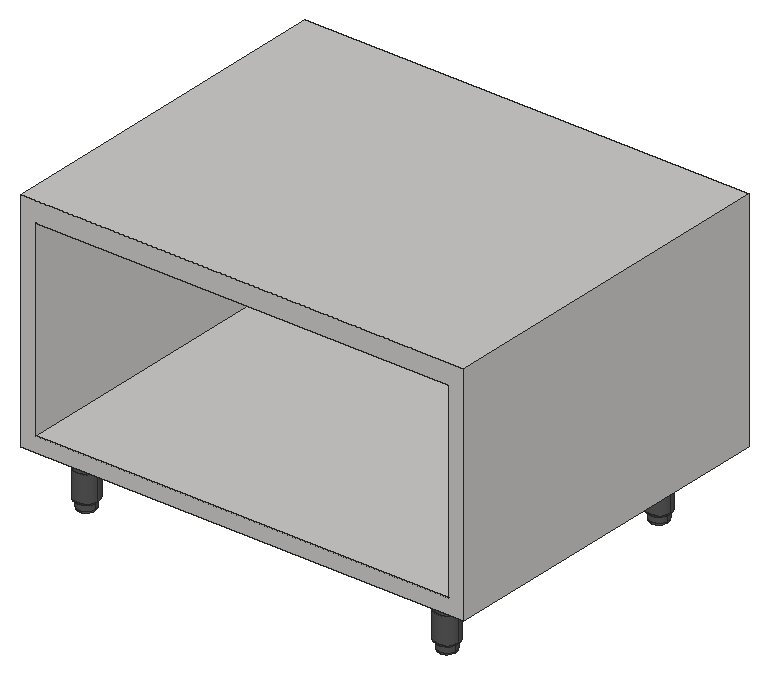
Revit family "QF_CAPIC_PO_W293024", category Equipement spécialisé, Revit 2018
Family settings
  Cote de connecteur circulaire = Utiliser le diamètre
  Type d'élément = Normal
  Numéro OmniClass = 23.40.40.14
  Titre OmniClass = Food Service Equipment
  Basée sur le plan de construction = Non
  Toujours verticalement = Oui
  Couper avec des vides une fois chargée = Non
  Partagée = Non
  Point de calcul de pièce = Non
Parameters (values of type "L=1000mm")
  URL catalogue = "http://www.capic-fr.com/fr/"
  Type de Raccord Plomberie [instance] = ""
  Type de Raccord Electrique [instance] = ""
  Type de Gaz = ""
  Type article [instance] = ""
  Tension = 0 V
  Spécification du Fabricant = ""
  Show Logo = yes
  Remarques evacuation [instance] = ""
  Remarques Plomberie [instance] = ""
  Remarques Electricité [instance] = ""
  Puissance électrique  = 0 W
  Puissance Gaz kW = 0
  Profondeur hors tout = 801 mm
  Pression Maximum Eau Adoucie = 0.0 Pa
  Poids net à vide = 70.00 kg
  Phase = 0
  Modèle = "W293024"
  Longueur hors tout = 1000 mm
  Intensité nominale = 0 A
  Hauteur hors tout = 630 mm
  Hauteur de Raccordement du Sol Finis = 0 mm
  Hauteur de Raccordement Gaz du Sol Finis = 0 mm
  Hauteur de Raccordement Evacuation Directe du Sol Finis = 0 mm
  Hauteur de Raccordement Eau Froide du Sol Finis = 0 mm
  Hauteur de Raccordement Eau Chaude du Sol Finis = 0 mm
  Hauteur de Raccordement Eau Adoucie du Sol Finis = 0 mm
  Fréquence = 0 Hz
  Fabricant = "CAPIC"
  Débit d'air d'extraction = 0.0 m³/h
  Débit Gaz = 0.0 L/s
  Débit Eau Froide = 0.0 L/s
  Débit Eau Chaude = 0.0 L/s
  Débit Eau Adoucie = 0.0 L/s
  Diamètre de Raccordement Gaz = 0 mm
  Diamètre de Raccordement Evacuation = 0 mm
  Diamètre de Raccordement Eau Froide = 0 mm
  Diamètre de Raccordement Eau Chaude = 0 mm
  Diamètre de Raccordement Eau Adoucie = 0 mm
  Description = "Placard Ouvert"
  Assembly Code = ""
  Classification  Omniclass nombre et titre = ""
Reference planes
  plane 1 "Centre (avant/arrière)": y = 0
  plane 2: z = 0
  plane 3 "Centre (gauche/droite)": x = 0
  plane 4 "Centre G/E": y = 0
  plane 5: y = -838
  plane 6: x = 1000
  plane 7: x = 998
  plane 8: x = 2
  plane 9: x = 965
  plane 10: y = -818
  plane 11: x = 958
  plane 12: y = -223
  plane 13: y = -820
  plane 14: z = 141
  plane 15: x = 42
  plane 16: x = 35
  plane 17: y = -182
  plane 18: z = 621
  plane 19: z = 120
  plane 20: y = -37
Forms (mm)
  Extrusion 1, solid, material "QF_Stainless Steel-Brushed"
    sketch origin (1480, 0, 0) x (1, 0, 0) y (0, 0, 1)
      loop
        line (-1480, 630) -> (-1480, 120) -> (-480, 120) -> (-480, 630) -> (-1480, 630)
    from 838 to 37
  Extrusion 2, void
    sketch origin (1480, 0, 0) x (1, 0, 0) y (0, 0, 1)
      loop
        line (-1445, 155.456) -> (-515, 155.456) -> (-515, 585.456) -> (-1445, 585.456) -> (-1445, 155.456)
    from 838 to 182
  Extrusion 3, void
    sketch origin (1480, 0, 0) x (1, 0, 0) y (0, 1, 0)
      loop
        line (-1445, -182) -> (-1445, -820) -> (-515, -820) -> (-515, -182) -> (-1445, -182)
    from 120 to 141
Cuts and joins
  Extrusion 2, Extrusion 3 cuts Extrusion 1
Dimensions and locks
  locked: plane 9 to plane 6 at 35
  locked: plane 10 to plane 5 at 20
  "Profondeur hors tout": plane 5 to plane 20
  locked: plane 12 to plane 13 at 597
  locked: plane 7 to plane 6 at 2
  locked: plane 3 "Centre (gauche/droite)" to plane 8 at 2
  "Longueur hors tout": plane 3 "Centre (gauche/droite)" to plane 6
  locked: plane 3 "Centre (gauche/droite)" to plane 16 at 35
  locked: plane 13 to plane 5 at 18
  locked: plane 3 "Centre (gauche/droite)" to plane 15 at 42
  locked: plane 11 to plane 6 at 42
  locked: plane 17 to plane 5 at 656
  plane 14 to plane 19 to plane 2 = 21 mm locked, 120 mm locked
  locked: plane 20 to plane 4 "Centre G/E" at 37
  aligned and locked: level to plane 2
  aligned and locked: Extrusion 1 to Extrusion 2
  aligned and locked: cut or joined group of Extrusion 1, Extrusion 2, Extrusion 3 to plane 5
  aligned and locked: nested 1 to plane 14
  aligned and locked: nested 2 to plane 14
  aligned and locked: nested 2 to plane 13
  aligned and locked: nested 2 to plane 15
  aligned and locked: nested 1 to plane 15
  aligned and locked: nested 1 to plane 12
  aligned and locked: nested 3 to plane 11
  aligned and locked: nested 4 to plane 11
  aligned and locked: plane 13 to nested 4
  aligned and locked: Extrusion 3 to plane 13
  aligned and locked: plane 17 to cut or joined group of Extrusion 1, Extrusion 2, Extrusion 3
  aligned and locked: plane 12 to nested 3
  aligned and locked: cut or joined group of Extrusion 1, Extrusion 2, Extrusion 3 to plane 17
  aligned and locked: plane 20 to cut or joined group of Extrusion 1, Extrusion 2, Extrusion 3
Automatic sketch dimensions
  Extrusion 1 sketch curve to plane 3 "Centre (gauche/droite)" = 0 mm
  Extrusion 1 sketch curve to plane 6 = 0 mm
  level to Extrusion 1 sketch curve = 120 mm
  Extrusion 1 sketch curve to Extrusion 1 sketch curve = 510 mm
  Extrusion 2 sketch curve to plane 9 = 0 mm
  level to Extrusion 2 sketch curve = 155.456 mm
  Extrusion 2 sketch curve to Extrusion 2 sketch curve = 430 mm
  Extrusion 3 sketch curve to plane 9 = 0 mm
  Extrusion 3 sketch curve to plane 10 = 2 mm
  plane 1 "Centre (avant/arrière)" to Extrusion 3 sketch curve = 182 mm
  Extrusion 2 sketch curve to plane 8 = 33 mm
  Extrusion 3 sketch curve to plane 8 = 33 mm
Nested families
  nested 1: "QF_Details_Pied" at (93.5, -223, 0), type "QF_Details_Pied"
  nested 2: "QF_Details_Pied" at (93.5, -820, 0), type "QF_Details_Pied"
  nested 3: "QF_Details_Pied" at (906.5, -223, 0), type "QF_Details_Pied"
  nested 4: "QF_Details_Pied" at (906.5, -820, 0), type "QF_Details_Pied"
Definition of nested family "QF_Details_Pied"
  Reference planes
    plane 1 "Centre (avant/arrière)": y = 0
    plane 2: z = 0
    plane 3 "Centre (gauche/droite)": x = 0
  Forms (mm)
    Extrusion 1, solid
      sketch origin (-137.492, 51.5, -340.756) x (1, 0, 0) y (0, 0, 1)
        loop
          line (85.992, 481.756) -> (85.992, 472.756) -> (188.992, 472.756) -> (188.992, 481.756) -> (85.992, 481.756)
      from -51.5 to 51.5
    Revolve 2, solid
      sketch origin (0, 51.5, -9) x (1, 0, 0) y (0, 0, 1)
        loop
          line (0, 141) -> (0, 9) -> (19.21, 9) -> (19.21, 13) -> (20.21, 13) -> (20.21, 26) -> (21.71, 26) -> (26.66, 30.95) -> (26.66, 90.95) -> (31.468, 136.698) -> (36.246, 141) -> (0, 141)
        axis (0, 141) -> (0, 9)
      angle from 0 to 360
  Dimensions and locks
    aligned and locked: level to plane 2
    aligned and locked: Extrusion 1 to Revolve 2 sketch curve
